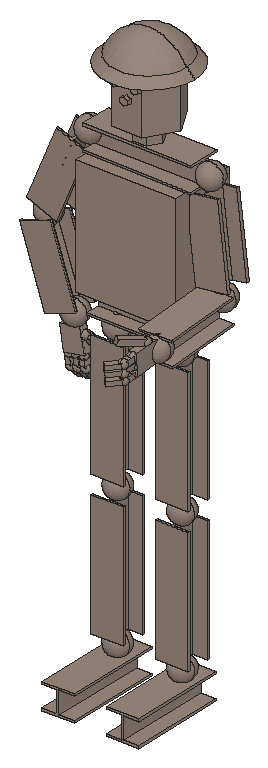
Revit family
Parameters
  Assembly Code = "E2020200"
  Base Material = Default
  Top Material = Default
Reference planes (in)
  plane 1: y = 0
  plane 2: z = 0
  plane 3: x = 0
Forms (in)
  Extrusion 1, solid, material "rusty metal"
    sketch origin (0, -1, 0) x (0, 0, 1) y (1, 0, 0)
      loop
        line (0, -2.00812) -> (0, -6.00812) -> (0.25, -6.00812) -> (0.25, -4.13312) -> (2.97674, -4.13312) -> (2.97674, -6.00812) -> (3.22674, -6.00812) -> (3.22674, -2.00812) -> (2.97674, -2.00812) -> (2.97674, -3.88312) -> (0.25, -3.88312) -> (0.25, -2.00812) -> (0, -2.00812)
    from -6.64974 to 5.35026
  Revolve 2, solid, material "rusty metal"
    sketch origin (0, 1.57641, 0) x (0, 0, 1) y (1, 0, 0)
      loop
        line (2.72674, -4.00812) -> (5.72674, -4.00812)
        arc (5.72674, -4.00812) -> (4.22674, -2.50812) -> (2.72674, -4.00812) r 1.5
      axis (2.72674, -4.00812) -> (5.72674, -4.00812)
    angle from 0 to 360
  Extrusion 3, solid, material "rusty metal"
    sketch origin (-0.00262, -0.01311, 11.41288) x (1, 0, 0) y (0, 1, 0)
      loop
        line (-2.00812, 0) -> (-2.00812, 0.25) -> (-3.88312, 0.25) -> (-3.88312, 2.97674) -> (-2.00812, 2.97674) -> (-2.00812, 3.22674) -> (-6.00812, 3.22674) -> (-6.00812, 2.97674) -> (-4.13312, 2.97674) -> (-4.13312, 0.25) -> (-6.00812, 0.25) -> (-6.00812, 0) -> (-2.00812, 0)
    from -6.21466 to 9.24045
  Revolve 4, solid, material "rusty metal"
    sketch origin (0, 1.57641, 17.5) x (0, 0, 1) y (1, 0, 0)
      loop
        line (2.72674, -4.00812) -> (5.72674, -4.00812)
        arc (5.72674, -4.00812) -> (4.22674, -2.50812) -> (2.72674, -4.00812) r 1.5
      axis (2.72674, -4.00812) -> (5.72674, -4.00812)
    angle from 0 to 360
  Extrusion 5, solid, material "rusty metal"
    sketch origin (-0.00262, -0.01311, 29.16288) x (1, 0, 0) y (0, 1, 0)
      loop
        line (-2.00812, 0) -> (-2.00812, 0.25) -> (-3.88312, 0.25) -> (-3.88312, 2.97674) -> (-2.00812, 2.97674) -> (-2.00812, 3.22674) -> (-6.00812, 3.22674) -> (-6.00812, 2.97674) -> (-4.13312, 2.97674) -> (-4.13312, 0.25) -> (-6.00812, 0.25) -> (-6.00812, 0) -> (-2.00812, 0)
    from -6.21466 to 9.24045
  Revolve 6, solid, material "rusty metal"
    sketch origin (0, 1.57641, 35.25) x (0, 0, 1) y (1, 0, 0)
      loop
        line (2.72674, -4.00812) -> (5.72674, -4.00812)
        arc (5.72674, -4.00812) -> (4.22674, -2.50812) -> (2.72674, -4.00812) r 1.5
      axis (2.72674, -4.00812) -> (5.72674, -4.00812)
    angle from 0 to 360
  Extrusion 7, solid, material "rusty metal"
    sketch origin (0.76379, -2.40786, 40.67057) x (0, 0, 1) y (0, -1, 0)
      loop
        line (0, -2.00812) -> (0, -6.00812) -> (0.25, -6.00812) -> (0.25, -4.13312) -> (2.97674, -4.13312) -> (2.97674, -6.00812) -> (3.22674, -6.00812) -> (3.22674, -2.00812) -> (2.97674, -2.00812) -> (2.97674, -3.88312) -> (0.25, -3.88312) -> (0.25, -2.00812) -> (0, -2.00812)
    from -7.07963 to 5.35026
  Extrusion 8, solid, material "rusty metal"
    sketch origin (0, -1, 0) x (0, 0, 1) y (1, 0, 0)
      loop
        line (0, 2.00812) -> (0.25, 2.00812) -> (0.25, 3.88312) -> (2.97674, 3.88312) -> (2.97674, 2.00812) -> (3.22674, 2.00812) -> (3.22674, 6.00812) -> (2.97674, 6.00812) -> (2.97674, 4.13312) -> (0.25, 4.13312) -> (0.25, 6.00812) -> (0, 6.00812) -> (0, 2.00812)
    from -6.64974 to 5.35026
  Revolve 9, solid, material "rusty metal"
    sketch origin (0, 1.57641, 0) x (0, 0, 1) y (1, 0, 0)
      loop
        arc (2.72674, 4.00812) -> (4.22674, 2.50812) -> (5.72674, 4.00812) r 1.5
        line (5.72674, 4.00812) -> (2.72674, 4.00812)
      axis (2.72674, 4.00812) -> (5.72674, 4.00812)
    angle from 0 to 360
  Extrusion 10, solid, material "rusty metal"
    sketch origin (0.00262, -0.01311, 11.41288) x (1, 0, 0) y (0, 1, 0)
      loop
        line (2.00812, 0) -> (6.00812, 0) -> (6.00812, 0.25) -> (4.13312, 0.25) -> (4.13312, 2.97674) -> (6.00812, 2.97674) -> (6.00812, 3.22674) -> (2.00812, 3.22674) -> (2.00812, 2.97674) -> (3.88312, 2.97674) -> (3.88312, 0.25) -> (2.00812, 0.25) -> (2.00812, 0)
    from -6.21466 to 9.24045
  Revolve 11, solid, material "rusty metal"
    sketch origin (0, 1.57641, 17.5) x (0, 0, 1) y (1, 0, 0)
      loop
        arc (2.72674, 4.00812) -> (4.22674, 2.50812) -> (5.72674, 4.00812) r 1.5
        line (5.72674, 4.00812) -> (2.72674, 4.00812)
      axis (2.72674, 4.00812) -> (5.72674, 4.00812)
    angle from 0 to 360
  Extrusion 12, solid, material "rusty metal"
    sketch origin (0.00262, -0.01311, 29.16288) x (1, 0, 0) y (0, 1, 0)
      loop
        line (2.00812, 0) -> (6.00812, 0) -> (6.00812, 0.25) -> (4.13312, 0.25) -> (4.13312, 2.97674) -> (6.00812, 2.97674) -> (6.00812, 3.22674) -> (2.00812, 3.22674) -> (2.00812, 2.97674) -> (3.88312, 2.97674) -> (3.88312, 0.25) -> (2.00812, 0.25) -> (2.00812, 0)
    from -6.21466 to 9.24045
  Revolve 13, solid, material "rusty metal"
    sketch origin (0, 1.57641, 35.25) x (0, 0, 1) y (1, 0, 0)
      loop
        arc (2.72674, 4.00812) -> (4.22674, 2.50812) -> (5.72674, 4.00812) r 1.5
        line (5.72674, 4.00812) -> (2.72674, 4.00812)
      axis (2.72674, 4.00812) -> (5.72674, 4.00812)
    angle from 0 to 360
  Extrusion 14, solid, material "rusty metal"
    sketch origin (0.76379, -2.40786, 58.60151) x (0, 0, 1) y (0, -1, 0)
      loop
        line (0, -2.00812) -> (0, -6.00812) -> (0.25, -6.00812) -> (0.25, -4.13312) -> (2.97674, -4.13312) -> (2.97674, -6.00812) -> (3.22674, -6.00812) -> (3.22674, -2.00812) -> (2.97674, -2.00812) -> (2.97674, -3.88312) -> (0.25, -3.88312) -> (0.25, -2.00812) -> (0, -2.00812)
    from -7.54493 to 5.87131
  Revolve 15, solid, material "rusty metal"
    sketch origin (-3.47296, 1.57641, 55.94616) x (0, 0, 1) y (1, 0, 0)
      loop
        line (2.72674, -4.00812) -> (5.72674, -4.00812)
        arc (5.72674, -4.00812) -> (4.22674, -2.50812) -> (2.72674, -4.00812) r 1.5
      axis (2.72674, -4.00812) -> (5.72674, -4.00812)
    angle from 0 to 360
  Revolve 16, solid, material "rusty metal"
    sketch origin (11.57972, 1.57641, 55.94616) x (0, 0, 1) y (1, 0, 0)
      loop
        line (2.72674, -4.00812) -> (5.72674, -4.00812)
        arc (5.72674, -4.00812) -> (4.22674, -2.50812) -> (2.72674, -4.00812) r 1.5
      axis (2.72674, -4.00812) -> (5.72674, -4.00812)
    angle from 0 to 360
  Extrusion 17, solid, material "rusty metal"
    sketch origin (0, 0, 0) x (0, 0, 1) y (1, 0, 0)
      loop
        line (58.60151, -6.31583) -> (58.60151, 6.11405) -> (43.89732, 6.11405) -> (43.89732, -6.31583) -> (58.60151, -6.31583)
    from -1.98348 to 6.22526
  Extrusion 18, solid, material "rusty metal"
    sketch origin (-7.10098, -0.01311, 51.93539) x (0, 1, 0) y (0.926681, 0, -0.375849)
      loop
        line (0, -2.00812) -> (0, -6.00812) -> (0.25, -6.00812) -> (0.25, -4.13312) -> (2.97674, -4.13312) -> (2.97674, -6.00812) -> (3.22674, -6.00812) -> (3.22674, -2.00812) -> (2.97674, -2.00812) -> (2.97674, -3.88312) -> (0.25, -3.88312) -> (0.25, -2.00812) -> (0, -2.00812)
    from -6.21466 to 3.50068
  Revolve 19, solid, material "rusty metal"
    sketch origin (-8.5567, 1.57641, 45.0881) x (0, 0, 1) y (1, 0, 0)
      loop
        line (2.72674, -4.00812) -> (5.72674, -4.00812)
        arc (5.72674, -4.00812) -> (4.22674, -2.50812) -> (2.72674, -4.00812) r 1.5
      axis (2.72674, -4.00812) -> (5.72674, -4.00812)
    angle from 0 to 360
  Revolve 20, solid, material "rusty metal"
    sketch origin (-5.27017, 1.57641, 34.97318) x (0, 0, 1) y (1, 0, 0)
      loop
        line (2.72674, -4.00812) -> (5.72674, -4.00812)
        arc (5.72674, -4.00812) -> (4.22674, -2.50812) -> (2.72674, -4.00812) r 1.5
      axis (2.72674, -4.00812) -> (5.72674, -4.00812)
    angle from 0 to 360
  Revolve 21, solid, material "rusty metal"
    sketch origin (13.16402, 1.57641, 43.04306) x (0, 0, 1) y (1, 0, 0)
      loop
        line (2.72674, -4.00812) -> (5.72674, -4.00812)
        arc (5.72674, -4.00812) -> (4.22674, -2.50812) -> (2.72674, -4.00812) r 1.5
      axis (2.72674, -4.00812) -> (5.72674, -4.00812)
    angle from 0 to 360
  Extrusion 22, solid, material "rusty metal"
    sketch origin (-7.19082, -0.01311, 44.0726) x (0, 1, 0) y (0.946969, 0, 0.321324)
      loop
        line (0, -2.00812) -> (0, -6.00812) -> (0.25, -6.00812) -> (0.25, -4.13312) -> (2.97674, -4.13312) -> (2.97674, -6.00812) -> (3.22674, -6.00812) -> (3.22674, -2.00812) -> (2.97674, -2.00812) -> (2.97674, -3.88312) -> (0.25, -3.88312) -> (0.25, -2.00812) -> (0, -2.00812)
    from -6.21466 to 3.50068
  Extrusion 23, solid, material "rusty metal"
    sketch origin (12.46612, -0.01311, 53.01781) x (0, 1, 0) y (0.992709, 0, 0.120539)
      loop
        line (0, -2.00812) -> (0, -6.00812) -> (0.25, -6.00812) -> (0.25, -4.13312) -> (2.97674, -4.13312) -> (2.97674, -6.00812) -> (3.22674, -6.00812) -> (3.22674, -2.00812) -> (2.97674, -2.00812) -> (2.97674, -3.88312) -> (0.25, -3.88312) -> (0.25, -2.00812) -> (0, -2.00812)
    from -6.21466 to 4.00573
  Extrusion 24, solid, material "rusty metal"
    sketch origin (13.0487, -5.2797, 44.60657) x (0, -0.069756, 0.997564) y (1, 0, 0)
      loop
        line (0, -2.00812) -> (0, -6.00812) -> (0.25, -6.00812) -> (0.25, -4.13312) -> (2.97674, -4.13312) -> (2.97674, -6.00812) -> (3.22674, -6.00812) -> (3.22674, -2.00812) -> (2.97674, -2.00812) -> (2.97674, -3.88312) -> (0.25, -3.88312) -> (0.25, -2.00812) -> (0, -2.00812)
    from -3.39225 to 6.11806
  Revolve 25, solid, material "rusty metal"
    sketch origin (13.16402, -8.59175, 41.83203) x (0, 0, 1) y (1, 0, 0)
      loop
        line (2.72674, -4.00812) -> (5.72674, -4.00812)
        arc (5.72674, -4.00812) -> (4.22674, -2.50812) -> (2.72674, -4.00812) r 1.5
      axis (2.72674, -4.00812) -> (5.72674, -4.00812)
    angle from 0 to 360
  Extrusion 26, solid, material "rusty metal"
    sketch origin (0, 0, 62) x (1, 0, 0) y (0, 1, 0)
      loop
        line (-0.86603, 2.97526) -> (-1.73205, 1.47526) -> (-0.86603, -0.02474) -> (0.86603, -0.02474) -> (1.73205, 1.47526) -> (0.86603, 2.97526) -> (-0.86603, 2.97526)
    from -0.17175 to 10.82825
  Extrusion 27, solid, material "rusty metal"
    sketch origin (0, 0, 65) x (1, 0, 0) y (0, 1, 0)
      loop
        line (-1.96961, 4.88673) -> (-3.93923, 1.47526) -> (-1.94232, -1.98348) -> (1.8581, -1.98348) -> (3.855, 1.47526) -> (1.88539, 4.88673) -> (-1.96961, 4.88673)
    from -1.08354 to 6.82825
  Extrusion 28, solid, material "rusty metal"
    sketch origin (0, 0, 0) x (0, 0, 1) y (1, 0, 0)
      loop
        line (68.9189, -0.86603) -> (68.65316, -1.32631) -> (68.9189, -1.78659) -> (69.45039, -1.78659) -> (69.71614, -1.32631) -> (69.45039, -0.86603) -> (68.9189, -0.86603)
    from -2.4154 to -1.98348
  Extrusion 29, solid, material "rusty metal"
    sketch origin (-0.08169, 0, 0) x (0, 0, 1) y (1, 0, 0)
      loop
        line (68.9189, 0.86603) -> (69.45039, 0.86603) -> (69.71614, 1.32631) -> (69.45039, 1.78659) -> (68.9189, 1.78659) -> (68.65316, 1.32631) -> (68.9189, 0.86603)
    from -2.4154 to -1.98348
  Extrusion 30, solid, material "rusty metal"
    sketch origin (-1.36715, 0, -1.66698) x (0, 0, 1) y (1, 0, 0)
      loop
        line (68.9189, 0.86603) -> (69.45039, 0.86603) -> (69.71614, 1.32631) -> (69.45039, 1.78659) -> (68.9189, 1.78659) -> (68.65316, 1.32631) -> (68.9189, 0.86603)
    from -2.4154 to -1.98348
  Extrusion 31, solid, material "rusty metal"
    sketch origin (9.53485, 0.87946, 37.86597) x (0, -0.069756, 0.997564) y (0, 0.997564, 0.069756)
      loop
        line (10.18989, -9.43382) -> (7.61547, -9.43382) -> (7.61547, -12.57139) -> (10.18989, -12.57139) -> (10.18989, -9.43382)
    from 0 to 1
  Revolve 32, solid, material "rusty metal"
    sketch origin (9.03485, -1.35746, 37.14622) x (0, -0.069756, 0.997564) y (0, 0.997564, 0.069756)
      loop
        line (9.83438, -10.46982) -> (10.83438, -10.46982)
        arc (10.83438, -10.46982) -> (10.33438, -9.96982) -> (9.83438, -10.46982) r 0.5
      axis (9.83438, -10.46982) -> (10.83438, -10.46982)
    angle from 0 to 360
  Revolve 33, solid, material "rusty metal"
    sketch origin (9.03485, -1.28885, 36.16505) x (0, -0.069756, 0.997564) y (0, 0.997564, 0.069756)
      loop
        line (9.83438, -10.46982) -> (10.83438, -10.46982)
        arc (10.83438, -10.46982) -> (10.33438, -9.96982) -> (9.83438, -10.46982) r 0.5
      axis (9.83438, -10.46982) -> (10.83438, -10.46982)
    angle from 0 to 360
  Revolve 34, solid, material "rusty metal"
    sketch origin (9.03485, -1.22668, 35.27604) x (0, -0.069756, 0.997564) y (0, 0.997564, 0.069756)
      loop
        line (9.83438, -10.46982) -> (10.83438, -10.46982)
        arc (10.83438, -10.46982) -> (10.33438, -9.96982) -> (9.83438, -10.46982) r 0.5
      axis (9.83438, -10.46982) -> (10.83438, -10.46982)
    angle from 0 to 360
  Revolve 35, solid, material "rusty metal"
    sketch origin (9.04027, 0.87946, 37.86597) x (0, -0.069756, 0.997564) y (0, 0.997564, 0.069756)
      loop
        line (9.83438, -10.46982) -> (10.83438, -10.46982)
        arc (10.83438, -10.46982) -> (10.33438, -9.96982) -> (9.83438, -10.46982) r 0.5
      axis (9.83438, -10.46982) -> (10.83438, -10.46982)
    angle from 0 to 360
  Extrusion 36, solid, material "rusty metal"
    sketch origin (12.17651, -2.7063, 34.31739) x (0.120341, 0.141672, 0.982572) y (0.48266, 0.856557, -0.182616)
      loop
        line (11.20192, -10.53488) -> (11.20192, -13.61416) -> (11.95192, -13.61416) -> (11.95192, -10.53488) -> (11.20192, -10.53488)
    from -0.91471 to -0.1732
  Extrusion 37, solid, material "rusty metal"
    sketch origin (8.53485, -1.34251, 35.98431) x (0, -0.069756, 0.997564) y (0, 0.997564, 0.069756)
      loop
        line (11.0987, -10.53488) -> (11.0987, -11.67313) -> (11.71821, -11.67313) -> (11.71821, -10.53488) -> (11.0987, -10.53488)
    from -0.91471 to -0.1732
  Extrusion 38, solid, material "rusty metal"
    sketch origin (8.53485, -1.28783, 35.20243) x (0, -0.069756, 0.997564) y (0, 0.997564, 0.069756)
      loop
        line (11.0987, -10.53488) -> (11.0987, -11.67313) -> (11.71821, -11.67313) -> (11.71821, -10.53488) -> (11.0987, -10.53488)
    from -0.91471 to -0.1732
  Extrusion 39, solid, material "rusty metal"
    sketch origin (8.53485, -1.21439, 34.1522) x (0, -0.069756, 0.997564) y (0, 0.997564, 0.069756)
      loop
        line (11.0987, -10.53488) -> (11.0987, -11.67313) -> (11.71821, -11.67313) -> (11.71821, -10.53488) -> (11.0987, -10.53488)
    from -0.91471 to -0.1732
  Extrusion 40, solid, material "rusty metal"
    sketch origin (15.74095, -5.18624, 35.71553) x (0, -0.069756, 0.997564) y (0.682987, 0.728651, 0.050952)
      loop
        line (11.0987, -10.53488) -> (11.0987, -12.19428) -> (11.71821, -12.19428) -> (11.71821, -10.53488) -> (11.0987, -10.53488)
    from -0.91471 to -0.1732
  Extrusion 41, solid, material "rusty metal"
    sketch origin (15.74095, -5.13156, 34.93365) x (0, -0.069756, 0.997564) y (0.682987, 0.728651, 0.050952)
      loop
        line (11.0987, -10.53488) -> (11.0987, -12.19428) -> (11.71821, -12.19428) -> (11.71821, -10.53488) -> (11.0987, -10.53488)
    from -0.91471 to -0.1732
  Extrusion 42, solid, material "rusty metal"
    sketch origin (15.74095, -5.05812, 33.88342) x (0, -0.069756, 0.997564) y (0.682987, 0.728651, 0.050952)
      loop
        line (11.0987, -10.53488) -> (11.0987, -12.19428) -> (11.71821, -12.19428) -> (11.71821, -10.53488) -> (11.0987, -10.53488)
    from -0.91471 to -0.1732
  Revolve 43, solid, material "rusty metal"
    sketch origin (9.03485, -2.72414, 36.97841) x (0, -0.069756, 0.997564) y (0, 0.997564, 0.069756)
      loop
        line (9.83438, -10.46982) -> (10.83438, -10.46982)
        arc (10.83438, -10.46982) -> (10.33438, -9.96982) -> (9.83438, -10.46982) r 0.5
      axis (9.83438, -10.46982) -> (10.83438, -10.46982)
    angle from 0 to 360
  Revolve 44, solid, material "rusty metal"
    sketch origin (9.03485, -2.65553, 35.99724) x (0, -0.069756, 0.997564) y (0, 0.997564, 0.069756)
      loop
        line (9.83438, -10.46982) -> (10.83438, -10.46982)
        arc (10.83438, -10.46982) -> (10.33438, -9.96982) -> (9.83438, -10.46982) r 0.5
      axis (9.83438, -10.46982) -> (10.83438, -10.46982)
    angle from 0 to 360
  Revolve 45, solid, material "rusty metal"
    sketch origin (9.03485, -2.59336, 35.10823) x (0, -0.069756, 0.997564) y (0, 0.997564, 0.069756)
      loop
        line (9.83438, -10.46982) -> (10.83438, -10.46982)
        arc (10.83438, -10.46982) -> (10.33438, -9.96982) -> (9.83438, -10.46982) r 0.5
      axis (9.83438, -10.46982) -> (10.83438, -10.46982)
    angle from 0 to 360
  Extrusion 46, solid, material "rusty metal"
    sketch origin (-20.0592, 1.11551, 45.47486) x (0.983533, 0, 0.180731) y (0.180731, 0, -0.983533)
      loop
        line (10.18989, 9.43382) -> (10.18989, 12.57139) -> (7.61547, 12.57139) -> (7.61547, 9.43382) -> (10.18989, 9.43382)
    from 0 to 1
  Revolve 47, solid, material "rusty metal"
    sketch origin (-20.19954, 1.61551, 43.1292) x (0.983533, 0, 0.180731) y (0.180731, 0, -0.983533)
      loop
        arc (9.83438, 10.46982) -> (10.33438, 9.96982) -> (10.83438, 10.46982) r 0.5
        line (10.83438, 10.46982) -> (9.83438, 10.46982)
      axis (9.83438, 10.46982) -> (10.83438, 10.46982)
    angle from 0 to 360
  Revolve 48, solid, material "rusty metal"
    sketch origin (-21.16691, 1.61551, 42.95144) x (0.983533, 0, 0.180731) y (0.180731, 0, -0.983533)
      loop
        arc (9.83438, 10.46982) -> (10.33438, 9.96982) -> (10.83438, 10.46982) r 0.5
        line (10.83438, 10.46982) -> (9.83438, 10.46982)
      axis (9.83438, 10.46982) -> (10.83438, 10.46982)
    angle from 0 to 360
  Revolve 49, solid, material "rusty metal"
    sketch origin (-22.04341, 1.61551, 42.79037) x (0.983533, 0, 0.180731) y (0.180731, 0, -0.983533)
      loop
        arc (9.83438, 10.46982) -> (10.33438, 9.96982) -> (10.83438, 10.46982) r 0.5
        line (10.83438, 10.46982) -> (9.83438, 10.46982)
      axis (9.83438, 10.46982) -> (10.83438, 10.46982)
    angle from 0 to 360
  Revolve 50, solid, material "rusty metal"
    sketch origin (-20.0592, 1.61008, 45.47486) x (0.983533, 0, 0.180731) y (0.180731, 0, -0.983533)
      loop
        arc (9.83438, 10.46982) -> (10.33438, 9.96982) -> (10.83438, 10.46982) r 0.5
        line (10.83438, 10.46982) -> (9.83438, 10.46982)
      axis (9.83438, 10.46982) -> (10.83438, 10.46982)
    angle from 0 to 360
  Extrusion 51, solid, material "rusty metal"
    sketch origin (-22.60362, -1.52616, 41.11872) x (0.916388, -0.120341, 0.381774) y (0.390065, 0.48266, -0.784148)
      loop
        line (11.20192, 10.53488) -> (11.95192, 10.53488) -> (11.95192, 13.61416) -> (11.20192, 13.61416) -> (11.20192, 10.53488)
    from -0.91471 to -0.1732
  Extrusion 52, solid, material "rusty metal"
    sketch origin (-22.17724, 2.11551, 47.47279) x (0.983533, 0, 0.180731) y (0.180731, 0, -0.983533)
      loop
        line (11.0987, 15.23051) -> (11.71821, 15.23051) -> (11.71821, 16.36876) -> (11.0987, 16.36876) -> (11.0987, 15.23051)
    from -0.91471 to -0.1732
  Extrusion 53, solid, material "rusty metal"
    sketch origin (-22.94813, 2.11551, 47.33113) x (0.983533, 0, 0.180731) y (0.180731, 0, -0.983533)
      loop
        line (11.0987, 15.23051) -> (11.71821, 15.23051) -> (11.71821, 16.36876) -> (11.0987, 16.36876) -> (11.0987, 15.23051)
    from -0.91471 to -0.1732
  Extrusion 54, solid, material "rusty metal"
    sketch origin (-23.98358, 2.11551, 47.14086) x (0.983533, 0, 0.180731) y (0.180731, 0, -0.983533)
      loop
        line (11.0987, 15.23051) -> (11.71821, 15.23051) -> (11.71821, 16.36876) -> (11.0987, 16.36876) -> (11.0987, 15.23051)
    from -0.91471 to -0.1732
  Extrusion 55, solid, material "rusty metal"
    sketch origin (-20.63222, -5.0906, 39.06481) x (0.983533, 0, 0.180731) y (0.132011, 0.682987, -0.718402)
      loop
        line (11.0987, 10.53488) -> (11.71821, 10.53488) -> (11.71821, 12.19428) -> (11.0987, 12.19428) -> (11.0987, 10.53488)
    from -0.91471 to -0.1732
  Extrusion 56, solid, material "rusty metal"
    sketch origin (-21.40311, -5.0906, 38.92316) x (0.983533, 0, 0.180731) y (0.132011, 0.682987, -0.718402)
      loop
        line (11.0987, 10.53488) -> (11.71821, 10.53488) -> (11.71821, 12.19428) -> (11.0987, 12.19428) -> (11.0987, 10.53488)
    from -0.91471 to -0.1732
  Extrusion 57, solid, material "rusty metal"
    sketch origin (-22.43856, -5.0906, 38.73289) x (0.983533, 0, 0.180731) y (0.132011, 0.682987, -0.718402)
      loop
        line (11.0987, 10.53488) -> (11.71821, 10.53488) -> (11.71821, 12.19428) -> (11.0987, 12.19428) -> (11.0987, 10.53488)
    from -0.91471 to -0.1732
  Revolve 58, solid, material "rusty metal"
    sketch origin (-20.0219, 1.61551, 41.76376) x (0.983533, 0, 0.180731) y (0.180731, 0, -0.983533)
      loop
        arc (9.83438, 10.46982) -> (10.33438, 9.96982) -> (10.83438, 10.46982) r 0.5
        line (10.83438, 10.46982) -> (9.83438, 10.46982)
      axis (9.83438, 10.46982) -> (10.83438, 10.46982)
    angle from 0 to 360
  Revolve 59, solid, material "rusty metal"
    sketch origin (-20.98927, 1.61551, 41.586) x (0.983533, 0, 0.180731) y (0.180731, 0, -0.983533)
      loop
        arc (9.83438, 10.46982) -> (10.33438, 9.96982) -> (10.83438, 10.46982) r 0.5
        line (10.83438, 10.46982) -> (9.83438, 10.46982)
      axis (9.83438, 10.46982) -> (10.83438, 10.46982)
    angle from 0 to 360
  Revolve 60, solid, material "rusty metal"
    sketch origin (-21.86577, 1.61551, 41.42494) x (0.983533, 0, 0.180731) y (0.180731, 0, -0.983533)
      loop
        arc (9.83438, 10.46982) -> (10.33438, 9.96982) -> (10.83438, 10.46982) r 0.5
        line (10.83438, 10.46982) -> (9.83438, 10.46982)
      axis (9.83438, 10.46982) -> (10.83438, 10.46982)
    angle from 0 to 360
  Revolve 61, solid, material "rusty metal"
    sketch origin (0, 1.5, 0) x (0, 0, 1) y (1, 0, 0)
      loop
        line (70.19408, -0.04085) -> (74.09647, -0.04085)
        arc (74.09647, -0.04085) -> (73.28771, 2.66668) -> (71.20874, 4.5805) r 5.331
        line (71.20874, 4.5805) -> (70.19408, 5.59515) -> (70.19408, -0.04085)
      axis (70.19408, -0.04085) -> (74.09647, -0.04085)
    angle from 0 to 360
Lines and regions (in)
  model lines
    curve 1: line (-4.60012, -1.98348, 45.81875) -> (5.14988, -1.98348, 45.81875)
    curve 2: line (-4.60012, -1.98348, 57.56875) -> (-4.60012, -1.98348, 45.81875)
    curve 3: line (5.14988, -1.98348, 57.56875) -> (-4.60012, -1.98348, 57.56875)
    curve 4: line (5.14988, -1.98348, 45.81875) -> (5.14988, -1.98348, 57.56875)
